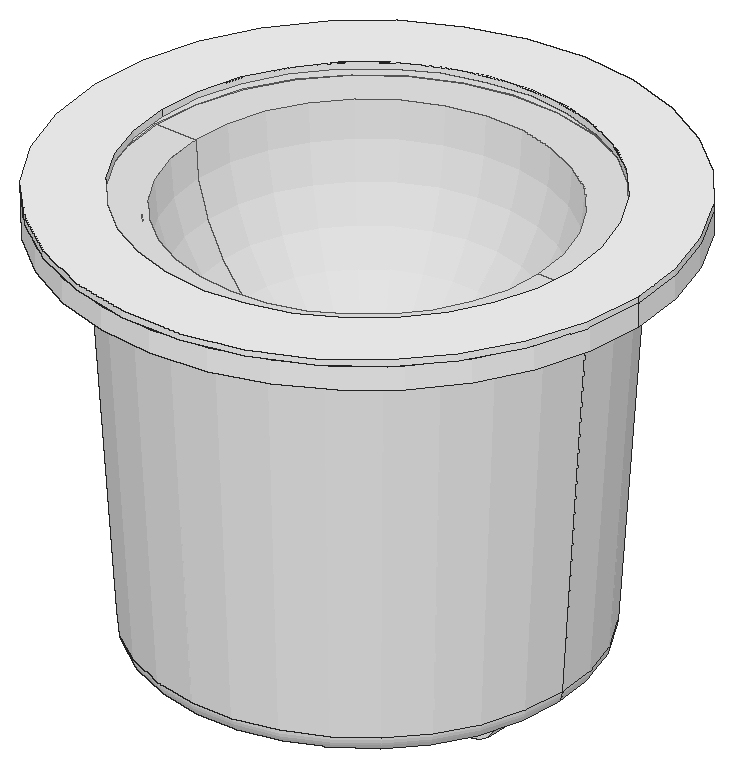
Revit family "2058865 Feilo Sylvania Lighting Fixture MYRD IP ST 4K DALI WHT WBEZ", category Lighting Fixtures, host Face, Revit 2017
Family settings
  Host = Face
  Round Connector Dimension = Use Diameter
  Part Type = Normal
  OmniClass Number = 23.80.70.11.17
  OmniClass Title = Specialized Lighting by Location or Use
  Cut with Voids When Loaded = No
  Light Source = Yes
  Shared = No
  Room Calculation Point = No
Parameters
  Weight = "0.44 kg"
  Wattage = 10 W
  WarrantyStartDate [instance] = "n/a"
  WarrantyGuarantorParts = "n/a"
  WarrantyDurationUnit = "n/a"
  WarrantyDurationParts = "n/a"
  WarrantyDescription = "n/a"
  built-in parameter 1150110 = 1 (stored number, unit not read)
  Voltage = 230 V
  URL = "http://www.sylvania-lighting.com"
  TypeName = "MYRD IP ST 4K DALI WHT WBEZ"
  Type Image = 0
  Type Comments = ""
  built-in parameter 1114217 = 1 (stored number, unit not read)
  Tilt Angle = -90°
  built-in parameter 1150109 = 1 (stored number, unit not read)
  built-in parameter 1150134 = 12
  built-in parameter 1150113 = 1 (stored number, unit not read)
  SerialNumber [instance] = "n/a"
  Reflector Radius = Cutout Diameter / 2 - 2.5 mm  # 35.0 mm
  Reflector Material = Aluminum_Sylvania_Myriad_Bright
  Recessed Depth = Height  # 72.0 mm
  PowerFactor = 0
  PowerConsumption = "10 W"
  Photometric Web File = ""
  NominalWidth = 0.0 mm
  NominalLength = 76.0 mm
  NominalHeight = 72.0 mm
  Name = "MYRD IP ST 4K DALI WHT WBEZ"
  ModelReference = "MYRD IP ST 4K DALI WHT WBEZ"
  ModelNumber = "2058865"
  Material = "Aluminium"
  ManufacturerName = "Feilo Sylvania"
  LuminousEfficacy = "113 lm/W"
  LuminaireType = "Ceiling recessed"
  LightOutputRatio = "1"
  LampsType = Lamp  # "LED"
  LampNominalLuminous = "1132 lm"
  LampMacAdamStep = "n/a"
  LampColourTemperature = "4000 K"
  LampColourRenderingIndex = "n/a"
  Keynote = "16500"
  Keynote_2 = "16500"
  InstallationDate [instance] = "n/a"
  InputVoltage = "230-240V~"
  InputNominalFrequency = "50/60 Hz"
  IngressProtection = "IP65"
  ImpactProtectionIndex = "IK02"
  IfcExportType = "IfcLightFixtureType"
  IfcExportAs = "IfcLightFixtureType"
  Height = 72.0 mm  # constant formula
  ExpectedLife = 50000
  Emit from Circle Diameter = Accessory Inner Diameter 2  # 68.0 mm
  Emit Shape Visible in Rendering = no
  ElectricShockClassification = "Class II"
  DurationUnit = "hours"
  DocumentationLiterature = "http://www.sylvania-lighting.com/product/en-int/products/2058865"
  DimmingControlOptions = "Dimmable"
  Diffuser Material = Glass_Sylvania_Myriad_Clear_4000K
  Diffuser Diameter = Cutout Diameter  # 75.0 mm
  Cutout Diameter = 75.0 mm  # constant formula
  CreatedOn = "03-11-2017"
  CreatedBy = ""
  Cost = 0
  built-in parameter 1114216 [instance] = 1 (stored number, unit not read)
  built-in parameter 1150142 = (empty or 0)
  Model = "MYRD IP ST 4K DALI WHT WBEZ"
  Manufacturer = "Feilo Sylvania"  # constant formula
  built-in parameter 1150105 = 89.923 (stored number, unit not read)
  Lumens = 1130 lm
  built-in parameter 1150115 = 1 (stored number, unit not read)
  built-in parameter 1150137 = (empty or 0)
  built-in parameter 1150139 = (empty or 0)
  built-in parameter 1150112 = 1 (stored number, unit not read)
  built-in parameter 1150114 = 1 (stored number, unit not read)
  Lamp = "LED"
  built-in parameter 1150132 = (empty or 0)
  built-in parameter 1150102 = (empty or 0)
  built-in parameter 1150107 = 4000 (stored number, unit not read)
  built-in parameter 1150138 = (empty or 0)
  built-in parameter 1150106 = 0.89923 (stored number, unit not read)
  built-in parameter 1150104 = 10.498 (stored number, unit not read)
  Dimming Lamp Color Temperature Shift = (empty or 0)
  Description = "Supplied complete with electronic control gear Compact Fluorescent low energy downlight Emergency version passes through the cut out Ideal for low level orientation lighting New range of Architectural accessories each providing a different lit dimension New completely flush plaster up accessory ring for clean ceiling lines and smooth finish Order lamp separately"  # constant formula
  Default Elevation = 0.0 mm
  Color Filter = 16777215
  built-in parameter 1140040 [instance] = 1
  Body Radius = Reflector Radius + 1.5 mm  # 36.5 mm
  Body Material = Aluminum_Sylvania_Myriad_Gray
  BarCode [instance] = "n/a"
  built-in parameter 1114218 = 1 (stored number, unit not read)
  built-in parameter 1150133 = 10 (stored number, unit not read)
  AssetType = "Fixed"
  AssetIdentifier [instance] = "n/a"
  Assembly Code = "D5020200"
  Apparent Load = 10 VA
  Accessory Material = Aluminum_Sylvania_Myriad_White
  Accessory Inner Diameter 2 = Accessory Diameter - 22.0 mm  # 68.0 mm
  Accessory Inner Diameter 1 = Accessory Diameter - 2.0 mm  # 88.0 mm
  Accessory Diameter = Cutout Diameter + 15.0 mm  # 90.0 mm
Reference planes
  plane 1 "Center (Front/Back)": y = 0
  plane 2: z = 0
  plane 3 "Center (Left/Right)": x = 0
  plane 4: z = 2
  plane 5 "Fixture Bottom": z = 4.5
  plane 6: z = -28.5
  plane 7: z = -61.5
  plane 8 "Fixture Top": z = -67.5
  plane 9: z = 3.5
Forms (mm)
  Revolve 1, solid, material "Aluminum_Sylvania_Myriad_Bright" <- "Reflector Material", detail levels fine
    sketch origin (0, 0, 0) x (1, 0, 0) y (0, 0, 1)
      loop
        line (0, -27.515) -> (-6, -27.515)
        arc (-6, -27.515) -> (-22.333, -16.632) -> (-28.5, 2) r 30.135
        line (-28.5, 2) -> (-35, 2) -> (-35, 0) -> (-29.184, 0)
        arc (-29.184, 0) -> (-22.423, -18.18) -> (-6, -28.5) r 30.204
        line (-6, -28.5) -> (0, -28.5) -> (0, -27.515)
      axis (0, -28.5) -> (0, 2)
    angle from 0 to 360
  Revolve 2, solid, material "Aluminum_Sylvania_Myriad_Gray" <- "Body Material", detail levels fine
    sketch origin (0, 0, 0) x (1, 0, 0) y (0, 0, 1)
      loop
        line (-44, 2) -> (-44, 0) -> (-36.5, 0) -> (-32.42, -58.708)
        arc (-32.42, -58.708) -> (-31.474, -60.694) -> (-29.428, -61.5) r 3
        line (-29.428, -61.5) -> (0, -61.5) -> (0, -28.5) -> (-6, -28.5)
        arc (-6, -28.5) -> (-22.423, -18.18) -> (-29.184, 0) r 30.204
        line (-29.184, 0) -> (-35, 0) -> (-35, 2) -> (-44, 2)
      axis (0, 2) -> (0, -61.5)
    angle from 0 to 360
  Extrusion 3, solid, material "Aluminum_Sylvania_Myriad_Gray" <- "Body Material", detail levels fine
    sketch origin (0, 0, 0) x (1, 0, 0) y (0, 0, 1)
      loop
        line (-13.5, -67.5) -> (21, -67.5)
        arc (21, -67.5) -> (23.828, -66.328) -> (25, -63.5) r 4
        line (25, -63.5) -> (25, -61.5) -> (-17.5, -61.5) -> (-17.5, -63.5)
        arc (-17.5, -63.5) -> (-16.328, -66.328) -> (-13.5, -67.5) r 4
    from -4.5 to 4.5
  Extrusion 4, solid, material "Aluminum_Sylvania_Myriad_White" <- "Accessory Material", detail levels fine
    sketch origin (0, 0, 0) x (1, 0, 0) y (0, 1, 0)
      loop
        circle (0, 0) r 45
      loop
        circle (0, 0) r 44
    from 0 to 3.5
  Extrusion 5, solid, material "Aluminum_Sylvania_Myriad_White" <- "Accessory Material", detail levels fine
    sketch origin (0, 0, 0) x (1, 0, 0) y (0, 1, 0)
      loop
        circle (0, 0) r 45
      loop
        circle (0, 0) r 34
    from 3.5 to 4.5
  Extrusion 6, solid, material "Aluminum_Sylvania_Myriad_White" <- "Accessory Material", detail levels coarse+medium
    sketch origin (0, 0, 0) x (1, 0, 0) y (0, 1, 0)
      loop
        circle (0, 0) r 45
    from 0 to 4.5
  Revolve 7, solid, detail levels coarse+medium
    sketch origin (0, 0, 0) x (1, 0, 0) y (0, 0, 1)
      loop
        line (36.5, 0) -> (0, 0) -> (0, -61.5) -> (32.226, -61.5) -> (36.5, 0)
      axis (0, 0) -> (0, -61.5)
    angle from 0 to 360
  Extrusion 8, void
    sketch origin (0, 0, 0) x (1, 0, 0) y (0, 1, 0)
      loop
        circle (0, 0) r 37.5
    from -67.5 to 0
  Extrusion 9, solid, material "Glass_Sylvania_Myriad_Clear_4000K" <- "Diffuser Material", detail levels fine
    sketch origin (0, 0, 0) x (1, 0, 0) y (0, 1, 0)
      loop
        circle (0, 0) r 37.5
    from 2 to 3.5
Cuts and joins
  joined: Extrusion 4, Extrusion 5
Lines and regions (mm)
  Masking region 1
    outline origin (0, 0, 0) x (1, 0, 0) y (0, 1, 0)
      loop
        circle (0, 0) r 45
  symbolic lines
    curve 1: arc (-34, 0, 0) -> (0, 34, 0) -> (34, 0, 0) r 34
    curve 2: arc (34, 0, 0) -> (0, -34, 0) -> (-34, 0, 0) r 34
Dimensions and locks
  locked: plane 7 to plane 8 "Fixture Top" at 6
  "Body Radius": Revolve 7 sketch curve to plane 3 "Center (Left/Right)"
  locked: Revolve 7 sketch curve to Revolve 7 sketch curve at 4.274
  plane 5 "Fixture Bottom" to plane 9 to plane 4 to plane 2 to plane 6 = 1.0 mm locked, 1.5 mm locked, 2.0 mm locked, 28.5 mm locked
  "Reflector Radius": Revolve 1 sketch curve to plane 3 "Center (Left/Right)"
  Revolve 1 sketch curve to Revolve 1 sketch curve to Revolve 1 sketch curve to Revolve 1 sketch curve = 6.5 mm locked, 22.5 mm locked, 0.0 mm locked
  "Reflector Radius": plane 3 "Center (Left/Right)" to Revolve 2 sketch curve
  Revolve 2 sketch curve to Revolve 2 sketch curve to Revolve 2 sketch curve = 7.5 mm locked, 1.5 mm locked
  Revolve 2 sketch curve to Revolve 2 sketch curve to Revolve 2 sketch curve = 5.816 mm locked, 23.184 mm locked
  Revolve 2 sketch curve to Revolve 2 sketch curve to Revolve 2 sketch curve = 2.58 mm locked, 2.993 mm locked
  "Accessory Diameter": diameter of Extrusion 4 sketch curve
  "Accessory Inner Diameter 1": diameter of Extrusion 4 sketch curve
  "Accessory Diameter": diameter of Extrusion 5 sketch curve
  "Accessory Diameter": diameter of Extrusion 6 sketch curve
  "Cutout Diameter": diameter of Extrusion 8 sketch curve
  "Accessory Inner Diameter 2": diameter of Extrusion 5 sketch curve
  "Diffuser Diameter": diameter of Extrusion 9 sketch curve
  aligned and locked: plane 2 to host face
  aligned and locked: level to host face
  aligned and locked: plane 1 "Center (Front/Back)" to imposter light
  aligned and locked: plane 3 "Center (Left/Right)" to imposter light
  aligned and locked: Revolve 1 sketch curve to imposter light
  aligned and locked: Extrusion 3 sketch curve to plane 8 "Fixture Top"
  aligned and locked: plane 7 to Extrusion 3 sketch curve
  aligned and locked: Extrusion 4 to plane 2
  aligned and locked: plane 9 to Extrusion 4
  aligned and locked: Extrusion 5 to plane 9
  aligned and locked: plane 5 "Fixture Bottom" to Extrusion 5
  aligned and locked: Extrusion 6 to plane 2
  aligned and locked: plane 5 "Fixture Bottom" to Extrusion 6
  aligned and locked: Extrusion 8 to plane 8 "Fixture Top"
  aligned and locked: plane 2 to Extrusion 8
  aligned and locked: Masking region 1 sketch curve to Extrusion 6  (x2)
  aligned and locked: Extrusion 9 to plane 4
  aligned and locked: plane 9 to Extrusion 9
  aligned and locked: plane 4 to Revolve 2 sketch curve
  aligned and locked: Revolve 2 sketch curve to plane 2
  aligned and locked: curve 1 to cut or joined group of Extrusion 4, Extrusion 5
  aligned and locked: curve 2 to cut or joined group of Extrusion 4, Extrusion 5
  aligned and locked: imposter light to plane 5 "Fixture Bottom"
Automatic sketch dimensions
  host sketch curve to host sketch curve = 1305.563 mm
  host sketch curve to host sketch curve = 1283.632 mm
  Extrusion 3 sketch curve to plane 7 = 2.0 mm
  Extrusion 3 sketch curve to plane 3 "Center (Left/Right)" = 13.5 mm
  plane 3 "Center (Left/Right)" to Extrusion 3 sketch curve = 21.0 mm
  Extrusion 3 sketch curve to Extrusion 3 sketch curve = 4.0 mm
  Revolve 1 sketch curve to level = 0.0 mm
  Revolve 1 sketch curve to plane 3 "Center (Left/Right)" = 0.0 mm
  Revolve 1 sketch curve to plane 6 = 0.0 mm
  Revolve 1 sketch curve to plane 4 = 0.0 mm
  Revolve 1 sketch curve to Revolve 1 sketch curve = 0.684 mm
  level to Revolve 1 sketch curve = 0.88 mm
  Revolve 1 sketch curve to plane 4 = 0.363 mm
  Revolve 1 sketch curve to Revolve 1 sketch curve = 0.625 mm
  Revolve 1 sketch curve to plane 8 "Fixture Top" = 232.8 mm
  plane 5 "Fixture Bottom" to Revolve 1 sketch curve = 291.243 mm
  Revolve 2 sketch curve to plane 3 "Center (Left/Right)" = 0.0 mm  (x2)
  Revolve 2 sketch curve to plane 7 = 0.0 mm
  Revolve 2 sketch curve to plane 6 = 0.0 mm
  Revolve 2 sketch curve to level = 0.0 mm
  level to Revolve 2 sketch curve = 0.88 mm
  plane 7 to Revolve 2 sketch curve = 2.792 mm
  Revolve 2 sketch curve to plane 8 "Fixture Top" = 304.774 mm
  plane 5 "Fixture Bottom" to Revolve 2 sketch curve = 1137.105 mm
  Extrusion 4 sketch curve to Extrusion 4 sketch curve = 0.0 mm  (x2)
  plane 1 "Center (Front/Back)" to Extrusion 4 sketch curve = 0.0 mm
  Extrusion 4 sketch curve to plane 3 "Center (Left/Right)" = 0.0 mm
  Extrusion 5 sketch curve to Extrusion 5 sketch curve = 0.0 mm  (x2)
  plane 1 "Center (Front/Back)" to Extrusion 5 sketch curve = 0.0 mm
  Extrusion 5 sketch curve to plane 3 "Center (Left/Right)" = 0.0 mm
  plane 1 "Center (Front/Back)" to Extrusion 6 sketch curve = 0.0 mm
  Extrusion 6 sketch curve to plane 3 "Center (Left/Right)" = 0.0 mm
  Revolve 7 sketch curve to level = 0.0 mm
  Revolve 7 sketch curve to plane 3 "Center (Left/Right)" = 0.0 mm  (x2)
  Revolve 7 sketch curve to plane 7 = 0.0 mm
  Revolve 7 sketch curve to plane 8 "Fixture Top" = 304.774 mm
  plane 5 "Fixture Bottom" to Revolve 7 sketch curve = 43.226 mm
  plane 1 "Center (Front/Back)" to Extrusion 8 sketch curve = 0.0 mm
  Extrusion 8 sketch curve to plane 3 "Center (Left/Right)" = 0.0 mm
  plane 1 "Center (Front/Back)" to Extrusion 9 sketch curve = 0.0 mm
  Extrusion 9 sketch curve to plane 3 "Center (Left/Right)" = 0.0 mm
Connectors
  electrical at (-0.006, -0.019, -67.5), driven by "Apparent Load", driven by "Apparent Load"
    settings: on plane 8 "Fixture Top", index 1, voltage 230 V, apparent load 10 VA, apparent load phase1 10 VA, apparent load phase2 0 VA, apparent load phase3 0 VA, power factor 1, load classification "Lighting", number of poles 1, system type 30, power factor state 1, is connector primary yes, connector utility no, sub classification motor no, connector description ""
